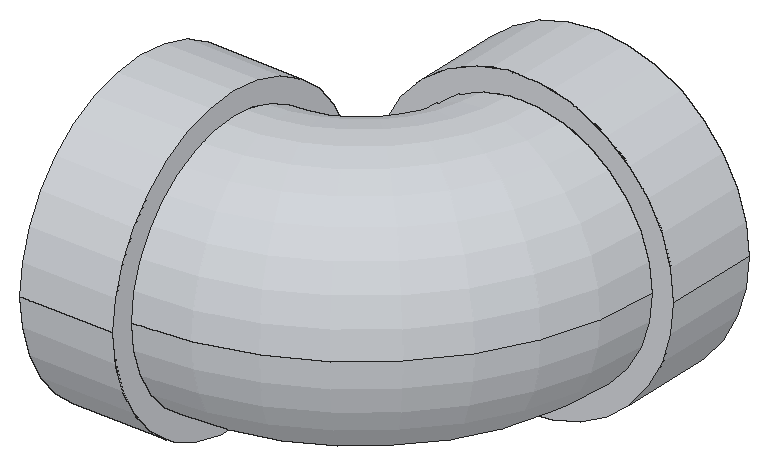
Revit family "3cae95d1988540b2b5eb426d50664a5f", category Pipe Fittings, Revit 2021
Family settings
  Round Connector Dimension = Use Radius
  Part Type = Elbow
  OmniClass Number = 23.60.30.11.14
  OmniClass Title = Pipework Fittings
  Seek Item ID = Ell Vent - PVC - Sch 40 - DWV-0000-USA-ENU
  Work Plane-Based = No
  Always vertical = Yes
  Cut with Voids When Loaded = No
  Shared = No
Parameters (values of type "Standard")
  Wall Thickness [instance] = size_lookup(Lookup Table Name, "WThk", 0.02 * Nominal Diameter + 33/256", Nominal Diameter)  # 0.156"
  Tick Size [instance] = Fitting Outside Diameter * 0.4  # 0.76"
  Loss Method = Not Defined
  Lookup Table Name = "Ell Vent - PVC - Sch 40 - DWV"
  Length 4 [instance] = Length 1 * sin(Angle)  # 1.8745"
  Length 3 [instance] = Length 1 * cos(Angle) + Length 1  # 1.8745"
  Fitting Outside Radius [instance] = Fitting Outside Diameter / 2  # 0.95"
  Fitting Outside Diameter [instance] = size_lookup(Lookup Table Name, "FOD", 1.04 * Nominal Diameter + 23/64", Nominal Diameter)  # 1.9"
  Length 2 [instance] = (Fitting Outside Radius + 1/32") * tan(Angle / 2) + Socket Depth  # 1.66825"
  Nominal Radius [instance] = 3/4"
  Nominal Diameter [instance] = Nominal Radius * 2  # 1 1/2"
  Socket Entrance Diameter [instance] = size_lookup(Lookup Table Name, "SED", 1.04 * Nominal Diameter + 95/256", Nominal Diameter)  # 1.915"
  Length 1 [instance] = if(Center to End > Fitting Outside Radius * tan(Angle / 2) + Socket Depth, Center to End, Length 2)  # 1.8745"
  Default Elevation = 0' - 0"
  Center to Socket Bottom [instance] = size_lookup(Lookup Table Name, "CtSB", 0.45 * Nominal Diameter + 141/256", Nominal Diameter)  # 1 3/16"
  Center to End [instance] = Center to Socket Bottom + Socket Depth  # 1.8745"
  Center Radius [instance] = (Length 1 - Socket Depth) / tan(Angle / 2)  # 1 3/16"
  Socket Depth [instance] = size_lookup(Lookup Table Name, "SDpt", 0.5 * Nominal Diameter, Nominal Diameter)  # 0.687"
  Socket Outside Radius [instance] = Socket Outside Diameter / 2  # 1.1135"
  Socket Outside Diameter [instance] = Socket Entrance Diameter + Wall Thickness * 2  # 2.227"
  Assembly Code = ""
  Angle [instance] = 90.00°
Reference planes (in)
  plane 1 "Center (Front/Back)": y = 0
  plane 2: z = 0
  plane 3 "Center (Left/Right)": x = 0
  plane 4: x = -1.1875
  plane 5: x = -1.8745
  plane 6: y = 1.1875
  plane 7: y = 0.76
  plane 8: y = -0.76
  plane 9: y = 1.8745
  plane 10: x = 0
Forms (in)
  Sweep 1, solid, detail levels fine
    path in 3D
      loop
        arc (-1.1875, 0, 0) -> (-0.34781, 0.34781, 0) -> (0, 1.1875, 0) r 1.1875
    profile origin (-0.34781, 0.34781, 0) x (-0.707107, 0.707107, 0) y (0, 0, 1)
      loop
        circle (0, 0) r 0.95
  Sweep 2, solid, detail levels fine
    path in 3D
      loop
        line (-1.8745, 0, 0) -> (-1.1875, 0, 0)
    profile origin (-1.531, 0, 0) x (0, 1, 0) y (0, 0, 1)
      loop
        circle (0, 0) r 1.1135
  Sweep 3, solid, detail levels fine
    path in 3D
      loop
        line (0, 1.1875, 0) -> (0, 1.8745, 0)
    profile origin (0, 1.531, 0) x (-1, 0, 0) y (0, 0, 1)
      loop
        circle (0, 0) r 1.1135
Cuts and joins
  joined: Sweep 1, Sweep 2, Sweep 3
Lines and regions (in)
  model lines, detail levels coarse+medium
    curve 1: line (-1.8745, 0, 0) -> (-1.1875, 0, 0)
    curve 2: arc (-1.1875, 0, 0) -> (-0.34781, 0.34781, 0) -> (0, 1.1875, 0) r 1.1875
    curve 3: line (0, 1.1875, 0) -> (0, 1.8745, 0)
    curve 8: line (-1.8745, 0, 0) -> (-1.8745, 0.76, 0)
    curve 9: line (-1.8745, 0, 0) -> (-1.8745, -0.76, 0)
    curve 10: line (0, 1.8745, 0) -> (-0.76, 1.8745, 0)
    curve 11: line (0, 1.8745, 0) -> (0.76, 1.8745, 0)
  sketch lines
    curve 4: arc (-1.1875, 0, 0) -> (-0.34781, 0.34781, 0) -> (0, 1.1875, 0) r 1.1875
    curve 5: line (-1.8745, 0, 0) -> (-1.1875, 0, 0)
    curve 6: line (0, 1.1875, 0) -> (0, 1.8745, 0)
  reference lines
    curve 7: line (-1.8745, 0, 0) -> (-1.1875, 0, 0)
    curve 12: line (0, 1.8745, 0) -> (0, 1.1875, 0)
Dimensions and locks (in)
  "Center Radius": plane 6 to plane 1 "Center (Front/Back)"
  "Socket Depth": plane 5 to plane 4
  "Tick Size": plane 7 to plane 1 "Center (Front/Back)"
  "Tick Size": plane 8 to plane 1 "Center (Front/Back)"
  "Socket Depth": curve 3 to curve 3
  "Tick Size": curve 10 to curve 10
  "Tick Size": curve 11 to curve 11
  "Length 1": plane 5 to plane 3 "Center (Left/Right)"
  "Length 3": plane 5 to plane 10
  "Length 4": plane 9 to plane 1 "Center (Front/Back)"
  "Center Radius": radius of curve 2
  "Fitting Outside Radius": radius of Sweep 1 sketch curve
  "Socket Outside Radius": radius of Sweep 2 sketch curve
  "Socket Outside Radius": radius of Sweep 3 sketch curve
  "Angle": angle curve 2 to curve 2
  "Angle": angle plane 1 "Center (Front/Back)" to curve 3
  locked: curve 11 to curve 3 (angle 90.00°)
  locked: curve 3 to curve 10 (angle 90.00°)
  "Angle": angle plane 9 to curve 12
  aligned and locked: plane 4 to curve 2
  aligned and locked: plane 5 to curve 7
  aligned and locked: plane 1 "Center (Front/Back)" to curve 7
  aligned and locked: plane 7 to curve 8
  aligned and locked: plane 1 "Center (Front/Back)" to curve 9
  aligned and locked: plane 8 to curve 9
  aligned and locked: curve 9 to plane 5
  aligned and locked: plane 10 to curve 12
  aligned and locked: plane 9 to curve 12
Automatic sketch dimensions
  Sweep 1 sketch curve to profile plane = 0' - 0"  (x2)
  Sweep 2 sketch curve to profile plane = 0' - 0"  (x2)
  Sweep 3 sketch curve to profile plane = 0' - 0"  (x2)
  curve 7 to plane 4 = 0' - 0"
Connectors (in)
  piping at (-1.8745, 0, 0), diameter 1.5, driven by "Angle", driven by "Nominal Radius"
    settings: on cut or joined group of Sweep 1, Sweep 2, Sweep 3, index 1, connector inside diameter 1 1/2", connector length 0' - 0", flow factor 0, pipe flow 0 GPM, pressure drop 0.00 psi, fitting loss kfactor 0, connector angle 90.00°, fixture units 0, engagement length 0' - 0", angle of deflection 0.00°, flow configuration 0, flow direction 0, fitting loss method 0, system type 28, joint type 0, gender type 0, connector reference index 2, connector utility 0, adjustable connector no, is connector primary yes, connector description ""
  piping at (0, 1.8745, 0), diameter 1.5, driven by "Angle", driven by "Nominal Radius"
    settings: on cut or joined group of Sweep 1, Sweep 2, Sweep 3, index 2, connector inside diameter 1 1/2", connector length 0' - 0", flow factor 0, pipe flow 0 GPM, pressure drop 0.00 psi, fitting loss kfactor 0, connector angle 90.00°, fixture units 0, engagement length 0' - 0", angle of deflection 0.00°, flow configuration 0, flow direction 0, fitting loss method 0, system type 28, joint type 0, gender type 0, connector reference index 1, connector utility 0, adjustable connector no, is connector primary no, connector description ""
